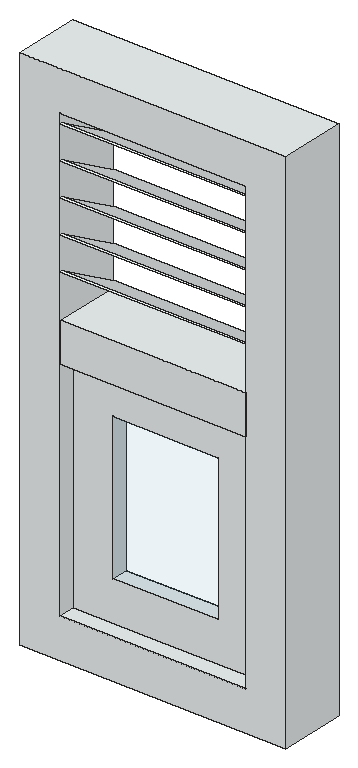
Revit family
Parameters (values of type "AW-3")
  Height = 800 mm
  기본 씰 높이 = 1600 mm
  Wall Closure = (empty or 0)
  Width = 400 mm
  Assembly Code = ""
Reference planes
  plane 1: y = 0
  plane 2 "중심(왼쪽/오른쪽)": x = 0
  plane 3 "좌측면": x = -200
  plane 4 "오른쪽": x = 200
  plane 5 "씰": z = 1600
  plane 6 "헤드": z = 2400
  plane 7 "외부": y = 75
  plane 8 "내부": y = -75
Forms (mm)
  Sweep 1, solid, material "창문틀"
    path in 3D
      loop
        line (-200, -75, 2400) -> (200, -75, 2400) -> (200, -75, 1600) -> (-200, -75, 1600) -> (-200, -75, 2400)
    profile origin (-200, -75, 2000) x (0, -1, 0) y (1, 0, 0)
      loop
        line (0, 0) -> (0, 60) -> (-100, 60) -> (-100, 0) -> (0, 0)
  Extrusion 2, solid, material "창문틀"
    sketch origin (-140, 25, 1660) x (0, 0, 1) y (0, -1, 0)
      loop
        line (340, 100) -> (340, 0) -> (400, 0) -> (400, 100) -> (340, 100)
    from 0 to 280
  Sweep 3, solid, material "창문틀"
    path in 3D
      loop
        line (-140, -75, 2000) -> (140, -75, 2000) -> (140, -75, 1660) -> (-140, -75, 1660) -> (-140, -75, 2000)
    profile origin (-140, -75, 1830) x (0, -1, 0) y (1, 0, 0)
      loop
        line (-25, 0) -> (-25, 60) -> (-50, 60) -> (-50, 0) -> (-25, 0)
  Extrusion 4, solid, material "유리"
    sketch origin (-80, -50, 1720) x (0, 0, 1) y (-1, 0, 0)
      loop
        line (220, 0) -> (0, 0) -> (0, -160) -> (220, -160) -> (220, 0)
    from 0 to -25
  Extrusion 5, solid, material "창문틀"
    sketch origin (-140, 25, 1660) x (0, 0, 1) y (0, -1, 0)
      loop
        line (666.89, 98.536) -> (665.426, 100) -> (608.536, 1.464) -> (610, 0) -> (666.89, 98.536)
      loop
        line (616.89, 98.536) -> (615.426, 100) -> (558.536, 1.464) -> (560, 0) -> (616.89, 98.536)
      loop
        line (566.89, 98.536) -> (565.426, 100) -> (508.536, 1.464) -> (510, 0) -> (566.89, 98.536)
      loop
        line (516.89, 98.536) -> (515.426, 100) -> (458.536, 1.464) -> (460, 0) -> (516.89, 98.536)
      loop
        line (466.89, 98.536) -> (465.426, 100) -> (408.536, 1.464) -> (410, 0) -> (466.89, 98.536)
    from 0 to 280
Lines and regions (mm)
  Opening 1
    outline origin (3500, -75, 0) x (1, 0, 0) y (0, 0, 1)
      loop
        line (-3300, 1600) -> (-3300, 2400) -> (-3700, 2400) -> (-3700, 1600) -> (-3300, 1600)
  sketch lines
    curve 1: line (-200, -75, 1600) -> (-200, -75, 2400)
    curve 2: line (-200, -75, 2400) -> (200, -75, 2400)
    curve 3: line (200, -75, 2400) -> (200, -75, 1600)
    curve 4: line (200, -75, 1600) -> (-200, -75, 1600)
    curve 5: line (-140, -75, 1660) -> (-140, -75, 2000)
    curve 6: line (140, -75, 2000) -> (-140, -75, 2000)
    curve 7: line (140, -75, 2000) -> (140, -75, 1660)
    curve 8: line (140, -75, 1660) -> (-140, -75, 1660)
  symbolic lines
    curve 9: line (80, 75, 1720) -> (0, 75, 1940)
    curve 10: line (0, 75, 1940) -> (-80, 75, 1720)
Text (mm)
  text "외부" at (-1963.203, 1332.353, 0), in view "참조 레벨"
  text "내부" at (-1981.466, -818.386, 0), in view "참조 레벨"
  text "외부" at (0, 923.751, 2943.296), in view "오른쪽"
  text "외부" at (0, 1040.484, 2685.409), in view "좌측면"
Dimensions and locks
  equal spacing: plane 3 "좌측면", plane 2 "중심(왼쪽/오른쪽)", plane 4 "오른쪽"
  "Width": plane 3 "좌측면" to plane 4 "오른쪽"
  "Height": plane 5 "씰" to plane 6 "헤드"
  "기본 씰 높이": plane 5 "씰" to level
  locked: plane 7 "외부" to host wall at 0
  locked: plane 8 "내부" to host wall
Automatic sketch dimensions
  Opening 1 sketch curve to plane 3 "좌측면" = 0 mm
  Opening 1 sketch curve to plane 4 "오른쪽" = 0 mm
  Opening 1 sketch curve to plane 5 "씰" = 0 mm
  Opening 1 sketch curve to plane 6 "헤드" = 0 mm
  Sweep 1 sketch curve to profile plane = 0 mm
  profile plane to Sweep 1 sketch curve = 0 mm
  Sweep 1 sketch curve to Sweep 1 sketch curve = 100 mm
  profile plane to Sweep 1 sketch curve = 60 mm
  Extrusion 2 sketch curve to Sweep 1 = 0 mm  (x2)
  Sweep 1 to Extrusion 2 sketch curve = 340 mm
  Extrusion 2 sketch curve to Extrusion 2 sketch curve = 60 mm
  Sweep 3 sketch curve to profile plane = 0 mm
  profile plane to Sweep 3 sketch curve = 25 mm
  Sweep 3 sketch curve to Sweep 3 sketch curve = 25 mm
  profile plane to Sweep 3 sketch curve = 60 mm
  Extrusion 4 sketch curve to Sweep 3 = 0 mm  (x4)
  curve 10 to plane 2 "중심(왼쪽/오른쪽)" = 0 mm
  curve 10 to plane 2 "중심(왼쪽/오른쪽)" = 80 mm
  plane 2 "중심(왼쪽/오른쪽)" to curve 9 = 80 mm
  curve 10 to plane 5 "씰" = 120 mm
  curve 9 to plane 5 "씰" = 120 mm
  curve 9 to curve 10 = 220 mm
  Extrusion 5 sketch curve to Sweep 1 = 0 mm  (x10)
  Sweep 1 to Extrusion 5 sketch curve = 1.464 mm  (x10)
  Sweep 1 to Extrusion 5 sketch curve = 408.536 mm
  Extrusion 5 sketch curve to Extrusion 5 sketch curve = 1.464 mm  (x10)
  Extrusion 5 sketch curve to Extrusion 5 sketch curve = 48.536 mm  (x8)
  Extrusion 5 sketch curve to Extrusion 5 sketch curve = 6.89 mm
